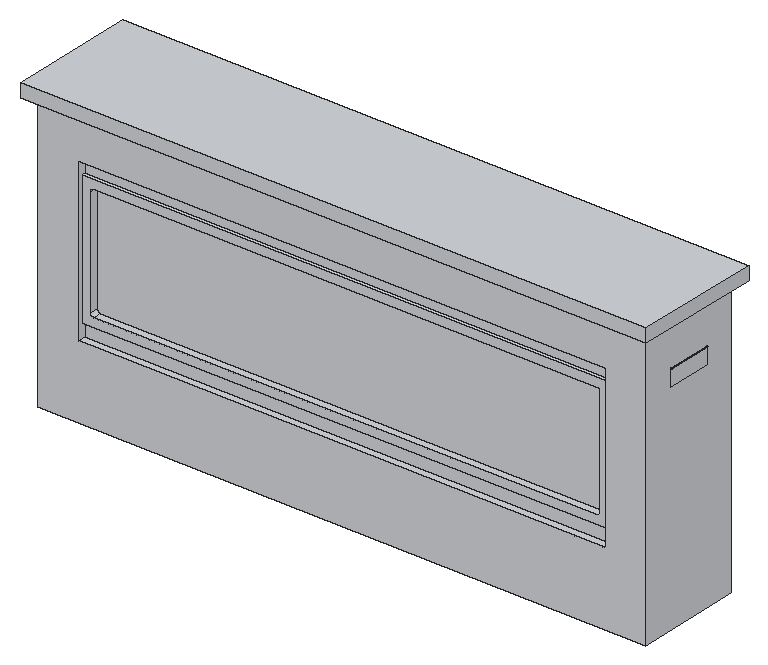
Revit family "PL60VOBE", category Generic Models, Revit 2019
Family settings
  Can host rebar = No
  Round Connector Dimension = Use Diameter
  Part Type = Normal
  Work Plane-Based = No
  Always vertical = Yes
  Cut with Voids When Loaded = No
  Shared = No
  Room Calculation Point = No
Reference planes (in)
  plane 1 "Center (Front/Back)": y = 0
  plane 2: z = 0
  plane 3 "Center (Left/Right)": x = 0
Forms (in)
  Extrusion 1, solid
    sketch origin (-12.5, 0, 0) x (1, 0, 0) y (0, 1, 0)
      loop
        line (-24.6875, 6.5) -> (-24.6875, -6.5) -> (49.6875, -6.5) -> (49.6875, 6.5) -> (-24.6875, 6.5)
    from 0 to 34.125
  Extrusion 2, solid
    sketch origin (-12.5, 0, 0) x (1, 0, 0) y (0, 1, 0)
      loop
        line (-25.8125, 7.8125) -> (-25.8125, -7.8125) -> (50.8125, -7.8125) -> (50.8125, 7.8125) -> (-25.8125, 7.8125)
    from 34.125 to 35.75
  Extrusion 3, void
    sketch origin (-12.5, 0, 0) x (1, 0, 0) y (0, 0, 1)
      loop
        line (-19.75, 28.75) -> (-19.75, 26.95662) -> (44.8125, 26.95662) -> (44.8125, 28.75) -> (-19.75, 28.75)
      loop
        line (-19.75, 10.79562) -> (-19.75, 9.00224) -> (44.8125, 9.00224) -> (44.8125, 10.79562) -> (-19.75, 10.79562)
    from 6.5 to 5.5
  Extrusion 4, void
    sketch origin (-12.5, 0, 0) x (1, 0, 0) y (0, 0, 1)
      loop
        arc (-18.271, 25.95662) -> (-18.53617, 25.84679) -> (-18.646, 25.58162) r 0.375
        line (-18.646, 25.58162) -> (-18.646, 12.23962)
        arc (-18.646, 12.23962) -> (-18.53617, 11.97446) -> (-18.271, 11.86462) r 0.375
        line (-18.271, 11.86462) -> (43.3335, 11.86462)
        arc (43.3335, 11.86462) -> (43.59867, 11.97446) -> (43.7085, 12.23962) r 0.375
        line (43.7085, 12.23962) -> (43.7085, 25.58162)
        arc (43.7085, 25.58162) -> (43.59867, 25.84679) -> (43.3335, 25.95662) r 0.375
        line (43.3335, 25.95662) -> (-18.271, 25.95662)
    from 6.5 to 5
  Extrusion 5, void
    sketch origin (-12.5, 0, 0) x (1, 0, 0) y (0, 0, 1)
      loop
        arc (-18.271, 25.95662) -> (-18.53617, 25.84679) -> (-18.646, 25.58162) r 0.375
        line (-18.646, 25.58162) -> (-18.646, 12.23962)
        arc (-18.646, 12.23962) -> (-18.53617, 11.97446) -> (-18.271, 11.86462) r 0.375
        line (-18.271, 11.86462) -> (43.3335, 11.86462)
        arc (43.3335, 11.86462) -> (43.59867, 11.97446) -> (43.7085, 12.23962) r 0.375
        line (43.7085, 12.23962) -> (43.7085, 25.58162)
        arc (43.7085, 25.58162) -> (43.59867, 25.84679) -> (43.3335, 25.95662) r 0.375
        line (43.3335, 25.95662) -> (-18.271, 25.95662)
      loop
        line (-19.75, 26.95662) -> (-19.75, 10.79562) -> (44.8125, 10.79562) -> (44.8125, 26.95662) -> (-19.75, 26.95662)
    from 6.5 to 6
  Extrusion 6, solid
    sketch origin (-12.5, 0, 0) x (1, 0, 0) y (0, 0, 1)
      loop
        line (49.94839, 28.786) -> (49.78539, 28.786)
        arc (49.78539, 28.786) -> (49.73801, 28.76638) -> (49.71839, 28.719) r 0.067
        line (49.71839, 28.719) -> (49.71839, 26.93032) -> (49.71839, 26.79006) -> (49.6875, 26.79006) -> (49.6875, 26.75881) -> (49.74964, 26.75881) -> (49.74964, 28.719)
        arc (49.74964, 28.719) -> (49.76011, 28.74428) -> (49.78539, 28.75475) r 0.03575
        line (49.78539, 28.75475) -> (49.94839, 28.75475) -> (49.94839, 28.786)
      loop
        line (-24.94839, 28.786) -> (-24.94839, 28.75475) -> (-24.78539, 28.75475)
        arc (-24.78539, 28.75475) -> (-24.76011, 28.74428) -> (-24.74964, 28.719) r 0.03575
        line (-24.74964, 28.719) -> (-24.74964, 26.75881) -> (-24.6875, 26.75881) -> (-24.6875, 26.79006) -> (-24.71839, 26.79006) -> (-24.71839, 26.93032) -> (-24.71839, 28.719)
        arc (-24.71839, 28.719) -> (-24.73801, 28.76638) -> (-24.78539, 28.786) r 0.067
        line (-24.78539, 28.786) -> (-24.94839, 28.786)
    from -2.75 to 2.75
Cuts and joins
  Extrusion 3, Extrusion 4, Extrusion 5 cuts Extrusion 1
Dimensions and locks (in)
  Extrusion 2 to level = 2' - 11 3/4"
  aligned and locked: level to plane 2
